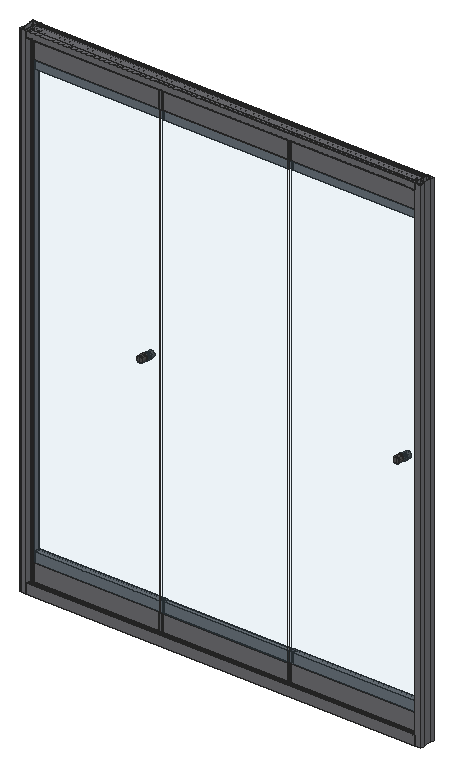
Revit family "QFL3 2380 LH", category Doors, host Wall, Revit 2024
Family settings
  Host = Wall
  OmniClass Number = 23.30.10.00
  OmniClass Title = Doors
  Always vertical = Yes
  Cut with Voids When Loaded = No
  Shared = No
  Room Calculation Point = No
Parameters
  Function = Interior
  Frame Projection Ext. = 25 mm
  Frame Projection Int. = 25 mm
  Frame Width = 75 mm
  Height = 2380 mm
  Wall Closure = By host
  Width = 1893 mm
  Analytic Construction = "<None>"
Reference planes
  plane 1: y = 0
  plane 2 "Center (Left/Right)": x = 0
  plane 3 "Left": x = -946.5
  plane 4 "Right": x = 946.5
  plane 5: z = 2380
  plane 6 "Exterior": y = 75
  plane 7 "Interior": y = -75
Forms (mm)
  Extrusion 1, solid, material "ALUMINIUM CHAR (TEST)"
    sketch origin (-0.37, 0, 0) x (1, 0, 0) y (0, 1, 0)
      loop
        line (946.87, 37.5) -> (916.87, 37.5) -> (916.87, 34.4) -> (917.87, 34.4) -> (917.87, 35.9) -> (919.37, 35.9) -> (919.37, 28.3) -> (917.87, 28.3) -> (917.87, 29.8) -> (916.87, 29.8) -> (916.87, 1.2) -> (917.87, 1.2) -> (917.87, 2.7) -> (919.37, 2.7) -> (919.37, -4.9) -> (917.87, -4.9) -> (917.87, -3.4) -> (916.87, -3.4) -> (916.87, -13.1) -> (912.87, -13.1) -> (912.87, -11)
        arc (912.87, -11) -> (912.724, -10.646) -> (912.37, -10.5) r 0.5
        line (912.37, -10.5) -> (909.62, -10.5) -> (909.62, -11.5) -> (911.22, -11.5) -> (911.22, -13.1) -> (903.52, -13.1) -> (903.52, -11.5) -> (905.12, -11.5) -> (905.12, -10.5) -> (902.37, -10.5)
        arc (902.37, -10.5) -> (902.017, -10.646) -> (901.87, -11) r 0.5
        line (901.87, -11) -> (901.87, -14.4)
        arc (901.87, -14.4) -> (902.017, -14.754) -> (902.37, -14.9) r 0.5
        line (902.37, -14.9) -> (916.87, -14.9) -> (916.87, -37.5) -> (946.87, -37.5) -> (946.87, -22) -> (945.37, -22) -> (945.37, -24.5) -> (942.37, -24.5) -> (942.37, 24.5) -> (945.37, 24.5) -> (945.37, 22) -> (946.87, 22) -> (946.87, 37.5)
      loop
        line (944.87, 26.3) -> (944.87, 35.5) -> (921.17, 35.5) -> (921.17, 27.7)
        arc (921.17, 27.7) -> (920.877, 26.993) -> (920.17, 26.7) r 1
        line (920.17, 26.7) -> (918.87, 26.7) -> (918.87, 4.3) -> (920.17, 4.3)
        arc (920.17, 4.3) -> (920.877, 4.007) -> (921.17, 3.3) r 1
        line (921.17, 3.3) -> (921.17, -5.5)
        arc (921.17, -5.5) -> (920.877, -6.207) -> (920.17, -6.5) r 1
        line (920.17, -6.5) -> (918.67, -6.5) -> (918.67, -35.5) -> (944.87, -35.5) -> (944.87, -26.3) -> (941.97, -26.3)
        arc (941.97, -26.3) -> (940.98, -25.89) -> (940.57, -24.9) r 1.4
        line (940.57, -24.9) -> (940.57, 24.9)
        arc (940.57, 24.9) -> (940.98, 25.89) -> (941.97, 26.3) r 1.4
        line (941.97, 26.3) -> (944.87, 26.3)
      loop
        line (-946.13, 37.5) -> (-946.13, 22) -> (-944.63, 22) -> (-944.63, 24.5) -> (-941.63, 24.5) -> (-941.63, -24.5) -> (-944.63, -24.5) -> (-944.63, -22) -> (-946.13, -22) -> (-946.13, -37.5) -> (-916.13, -37.5) -> (-916.13, -14.9) -> (-901.63, -14.9)
        arc (-901.63, -14.9) -> (-901.276, -14.754) -> (-901.13, -14.4) r 0.5
        line (-901.13, -14.4) -> (-901.13, -11)
        arc (-901.13, -11) -> (-901.276, -10.646) -> (-901.63, -10.5) r 0.5
        line (-901.63, -10.5) -> (-904.38, -10.5) -> (-904.38, -11.5) -> (-902.78, -11.5) -> (-902.78, -13.1) -> (-910.48, -13.1) -> (-910.48, -11.5) -> (-908.88, -11.5) -> (-908.88, -10.5) -> (-911.63, -10.5)
        arc (-911.63, -10.5) -> (-911.983, -10.646) -> (-912.13, -11) r 0.5
        line (-912.13, -11) -> (-912.13, -13.1) -> (-916.13, -13.1) -> (-916.13, -3.4) -> (-917.13, -3.4) -> (-917.13, -4.9) -> (-918.63, -4.9) -> (-918.63, 2.7) -> (-917.13, 2.7) -> (-917.13, 1.2) -> (-916.13, 1.2) -> (-916.13, 29.8) -> (-917.13, 29.8) -> (-917.13, 28.3) -> (-918.63, 28.3) -> (-918.63, 35.9) -> (-917.13, 35.9) -> (-917.13, 34.4) -> (-916.13, 34.4) -> (-916.13, 37.5) -> (-946.13, 37.5)
      loop
        line (-944.13, 26.3) -> (-941.23, 26.3)
        arc (-941.23, 26.3) -> (-940.24, 25.89) -> (-939.83, 24.9) r 1.4
        line (-939.83, 24.9) -> (-939.83, -24.9)
        arc (-939.83, -24.9) -> (-940.24, -25.89) -> (-941.23, -26.3) r 1.4
        line (-941.23, -26.3) -> (-944.13, -26.3) -> (-944.13, -35.5) -> (-917.93, -35.5) -> (-917.93, -6.5) -> (-919.43, -6.5)
        arc (-919.43, -6.5) -> (-920.137, -6.207) -> (-920.43, -5.5) r 1
        line (-920.43, -5.5) -> (-920.43, 3.3)
        arc (-920.43, 3.3) -> (-920.137, 4.007) -> (-919.43, 4.3) r 1
        line (-919.43, 4.3) -> (-918.13, 4.3) -> (-918.13, 26.7) -> (-919.43, 26.7)
        arc (-919.43, 26.7) -> (-920.137, 26.993) -> (-920.43, 27.7) r 1
        line (-920.43, 27.7) -> (-920.43, 35.5) -> (-944.13, 35.5) -> (-944.13, 26.3)
    from 0 to 2380
  Extrusion 2, solid, material "ALUMINIUM CHAR (TEST)"
    sketch origin (-943.37, 0, 0) x (0, -1, 0) y (0, 0, 1)
      loop
        line (-36.55, 18) -> (-36.55, 20.5) -> (-37.5, 20.5) -> (-37.5, 0) -> (-35.5, 0) -> (-35.5, 2) -> (-13.5, 2) -> (-13.5, 0) -> (-11.5, 0) -> (-11.5, 2) -> (10.5, 2) -> (10.5, 0) -> (12.5, 0) -> (12.5, 2) -> (35.5, 2) -> (35.5, 0) -> (37.5, 0) -> (37.5, 44.5)
        arc (37.5, 44.5) -> (37.354, 44.854) -> (37, 45) r 0.5
        line (37, 45) -> (32.199, 45) -> (31.492, 44.5) -> (26.524, 44.5) -> (25.817, 45) -> (22.199, 45) -> (21.492, 44.5) -> (16.524, 44.5) -> (15.817, 44.999) -> (11.001, 44.999)
        arc (11.001, 44.999) -> (10.648, 44.853) -> (10.502, 44.501) r 0.499
        line (10.502, 44.501) -> (10.502, 41.75) -> (11.5, 41.75) -> (11.5, 43.35) -> (13.1, 43.35) -> (13.1, 35.65) -> (11.5, 35.65) -> (11.5, 37.25) -> (10.5, 37.25) -> (10.5, 11.9)
        arc (10.5, 11.9) -> (10.061, 10.839) -> (9, 10.4) r 1.5
        line (9, 10.4) -> (3, 10.4)
        arc (3, 10.4) -> (1.939, 10.839) -> (1.5, 11.9) r 1.5
        line (1.5, 11.9) -> (1.5, 20)
        arc (1.5, 20) -> (0.851, 21.475) -> (-0.674, 21.992) r 2
        line (-0.674, 21.992) -> (-9.95, 20.504) -> (-9.95, 18) -> (-36.55, 18)
      loop
        line (10.5, 4.2) -> (10.5, 8.4) -> (3, 8.4)
        arc (3, 8.4) -> (0.525, 9.425) -> (-0.5, 11.9) r 3.5
        line (-0.5, 11.9) -> (-0.5, 20.057) -> (-7.95, 18.629) -> (-7.95, 16) -> (-35.5, 16) -> (-35.5, 4.2) -> (10.5, 4.2)
      loop
        line (12.5, 4.2) -> (35.5, 4.2) -> (35.5, 43) -> (15.1, 43) -> (15.1, 34) -> (12.5, 34) -> (12.5, 4.2)
      loop
        arc (-37.5, 2351) -> (-37.207, 2350.293) -> (-36.5, 2350) r 1
        line (-36.5, 2350) -> (-34.25, 2350) -> (-34.25, 2351) -> (-35.85, 2351) -> (-35.85, 2352.6) -> (-28.15, 2352.6) -> (-28.15, 2351) -> (-29.75, 2351) -> (-29.75, 2350) -> (-25.9, 2350)
        arc (-25.9, 2350) -> (-24.486, 2350.586) -> (-23.9, 2352) r 2
        line (-23.9, 2352) -> (-23.9, 2373.2)
        arc (-23.9, 2373.2) -> (-23.754, 2373.554) -> (-23.4, 2373.7) r 0.5
        line (-23.4, 2373.7) -> (-6.85, 2373.7) -> (-6.85, 2352)
        arc (-6.85, 2352) -> (-6.264, 2350.586) -> (-4.85, 2350) r 2
        line (-4.85, 2350) -> (13.1, 2350) -> (13.1, 2346) -> (11, 2346)
        arc (11, 2346) -> (10.646, 2345.854) -> (10.5, 2345.5) r 0.5
        line (10.5, 2345.5) -> (10.5, 2342.75) -> (11.5, 2342.75) -> (11.5, 2344.35) -> (13.1, 2344.35) -> (13.1, 2336.65) -> (11.5, 2336.65) -> (11.5, 2338.25) -> (10.5, 2338.25) -> (10.5, 2335.5)
        arc (10.5, 2335.5) -> (10.646, 2335.146) -> (11, 2335) r 0.5
        line (11, 2335) -> (14.4, 2335)
        arc (14.4, 2335) -> (14.754, 2335.146) -> (14.9, 2335.5) r 0.5
        line (14.9, 2335.5) -> (14.9, 2350) -> (36.5, 2350)
        arc (36.5, 2350) -> (37.207, 2350.293) -> (37.5, 2351) r 1
        line (37.5, 2351) -> (37.5, 2380) -> (22, 2380) -> (22, 2378.5) -> (24.5, 2378.5) -> (24.5, 2375.5) -> (-24.5, 2375.5) -> (-24.5, 2378.5) -> (-22, 2378.5) -> (-22, 2380) -> (-25.4, 2380)
        arc (-25.4, 2380) -> (-26.107, 2379.707) -> (-26.4, 2379) r 1
        line (-26.4, 2379) -> (-26.4, 2367.5)
        arc (-26.4, 2367.5) -> (-26.546, 2367.146) -> (-26.9, 2367) r 0.5
        line (-26.9, 2367) -> (-35, 2367)
        arc (-35, 2367) -> (-35.354, 2367.146) -> (-35.5, 2367.5) r 0.5
        line (-35.5, 2367.5) -> (-35.5, 2377.5)
        arc (-35.5, 2377.5) -> (-35.354, 2377.854) -> (-35, 2378) r 0.5
        line (-35, 2378) -> (-33.5, 2378) -> (-33.5, 2380) -> (-36.5, 2380)
        arc (-36.5, 2380) -> (-37.207, 2379.707) -> (-37.5, 2379) r 1
        line (-37.5, 2379) -> (-37.5, 2351)
      loop
        line (35.5, 2352) -> (35.5, 2378) -> (26.3, 2378) -> (26.3, 2375.1)
        arc (26.3, 2375.1) -> (25.89, 2374.11) -> (24.9, 2373.7) r 1.4
        line (24.9, 2373.7) -> (-4.85, 2373.7) -> (-4.85, 2352.5)
        arc (-4.85, 2352.5) -> (-4.704, 2352.146) -> (-4.35, 2352) r 0.5
        line (-4.35, 2352) -> (35.5, 2352)
      loop
        line (-26.4, 2354.2) -> (-26.4, 2364.5)
        arc (-26.4, 2364.5) -> (-26.546, 2364.854) -> (-26.9, 2365) r 0.5
        line (-26.9, 2365) -> (-35, 2365)
        arc (-35, 2365) -> (-35.354, 2364.854) -> (-35.5, 2364.5) r 0.5
        line (-35.5, 2364.5) -> (-35.5, 2354.2) -> (-26.4, 2354.2)
    from -1859.87 to -26.87
  Extrusion 3, solid, material "ALUMINIUM CHAR (TEST)"
    sketch origin (-313.5, 0, 0) x (0, -1, 0) y (0, 0, 1)
      loop
        line (10.504, 2341) -> (8.704, 2341) -> (8.704, 2339) -> (5.604, 2339) -> (5.604, 2337.4) -> (8.754, 2337.4) -> (8.754, 2325.033) -> (8.2, 2323.985) -> (8.2, 2321) -> (-31.196, 2321) -> (-31.196, 2323.92) -> (-31.705, 2324.883) -> (-31.705, 2337.4) -> (-28.596, 2337.4) -> (-28.596, 2339) -> (-31.696, 2339) -> (-31.696, 2341) -> (-33.496, 2341) -> (-33.496, 2216) -> (-23.496, 2206) -> (2.504, 2206) -> (2.504, 2251) -> (10.504, 2251) -> (10.504, 2341)
      loop
        line (8.714, 2253) -> (8.714, 2319.2) -> (-31.705, 2319.2) -> (-31.705, 2217.038) -> (-22.467, 2207.8) -> (0.504, 2207.8) -> (0.504, 2253) -> (8.714, 2253)
      loop
        line (10.504, 31) -> (10.504, 121) -> (2.504, 121) -> (2.504, 166) -> (-23.496, 166) -> (-33.496, 156) -> (-33.496, 31) -> (-31.696, 31) -> (-31.696, 33) -> (-28.596, 33) -> (-28.596, 34.6) -> (-31.705, 34.6) -> (-31.705, 47.117) -> (-31.196, 48.08) -> (-31.196, 51) -> (8.2, 51) -> (8.2, 48.015) -> (8.754, 46.967) -> (8.754, 34.6) -> (5.604, 34.6) -> (5.604, 33) -> (8.704, 33) -> (8.704, 31) -> (10.504, 31)
      loop
        line (8.714, 119) -> (0.504, 119) -> (0.504, 164.2) -> (-22.467, 164.2) -> (-31.705, 154.962) -> (-31.705, 52.8) -> (8.714, 52.8) -> (8.714, 119)
    from -1 to 589
  Extrusion 4, solid, material "Glass"
    sketch origin (-947.5, 0, 0) x (0, -1, 0) y (0, 0, 1)
      loop
        line (2.504, 121) -> (12.504, 121) -> (12.504, 2251) -> (2.504, 2251) -> (2.504, 121)
    from -640 to -40
  Extrusion 5, solid, material "ALUMINIUM CHAR (TEST)"
    sketch origin (-312.5, 0, 0) x (0, -1, 0) y (0, 0, -1)
      loop
        line (-33.496, -156) -> (-23.496, -166) -> (2.504, -166) -> (2.504, -121) -> (10.504, -121) -> (10.504, -31) -> (5.604, -31) -> (5.604, -51) -> (-28.596, -51) -> (-28.596, -31) -> (-33.496, -31) -> (-33.496, -156)
      loop
        line (-33.496, -2341) -> (-28.596, -2341) -> (-28.596, -2321) -> (5.604, -2321) -> (5.604, -2341) -> (10.504, -2341) -> (10.504, -2251) -> (2.504, -2251) -> (2.504, -2206) -> (-23.496, -2206) -> (-33.496, -2216) -> (-33.496, -2341)
    from 0 to 5
  Extrusion 6, solid, material "ALUMINIUM CHAR (TEST)"
    sketch origin (-902.5, 0, 0) x (0, -1, 0) y (0, 0, 1)
      loop
        line (-33.496, 156) -> (-33.496, 31) -> (-28.596, 31) -> (-28.596, 51) -> (5.604, 51) -> (5.604, 31) -> (10.504, 31) -> (10.504, 121) -> (2.504, 121) -> (2.504, 166) -> (-23.496, 166) -> (-33.496, 156)
      loop
        line (-33.496, 2341) -> (-33.496, 2216) -> (-23.496, 2206) -> (2.504, 2206) -> (2.504, 2251) -> (10.504, 2251) -> (10.504, 2341) -> (5.604, 2341) -> (5.604, 2321) -> (-28.596, 2321) -> (-28.596, 2341) -> (-33.496, 2341)
    from 0 to 5
  Extrusion 7, solid, material "ALUMINIUM CHAR (TEST)"
    sketch origin (294, 0, 0) x (0, -1, 0) y (0, 0, 1)
      loop
        line (10.504, 2341) -> (8.704, 2341) -> (8.704, 2339) -> (5.604, 2339) -> (5.604, 2337.4) -> (8.754, 2337.4) -> (8.754, 2325.033) -> (8.2, 2323.985) -> (8.2, 2321) -> (-31.196, 2321) -> (-31.196, 2323.92) -> (-31.705, 2324.883) -> (-31.705, 2337.4) -> (-28.596, 2337.4) -> (-28.596, 2339) -> (-31.696, 2339) -> (-31.696, 2341) -> (-33.496, 2341) -> (-33.496, 2216) -> (-23.496, 2206) -> (2.504, 2206) -> (2.504, 2251) -> (10.504, 2251) -> (10.504, 2341)
      loop
        line (8.714, 2253) -> (8.714, 2319.2) -> (-31.705, 2319.2) -> (-31.705, 2217.038) -> (-22.467, 2207.8) -> (0.504, 2207.8) -> (0.504, 2253) -> (8.714, 2253)
      loop
        line (10.504, 31) -> (10.504, 121) -> (2.504, 121) -> (2.504, 166) -> (-23.496, 166) -> (-33.496, 156) -> (-33.496, 31) -> (-31.696, 31) -> (-31.696, 33) -> (-28.596, 33) -> (-28.596, 34.6) -> (-31.705, 34.6) -> (-31.705, 47.117) -> (-31.196, 48.08) -> (-31.196, 51) -> (8.2, 51) -> (8.2, 48.015) -> (8.754, 46.967) -> (8.754, 34.6) -> (5.604, 34.6) -> (5.604, 33) -> (8.704, 33) -> (8.704, 31) -> (10.504, 31)
      loop
        line (8.714, 119) -> (0.504, 119) -> (0.504, 164.2) -> (-22.467, 164.2) -> (-31.705, 154.962) -> (-31.705, 52.8) -> (8.714, 52.8) -> (8.714, 119)
    from -1 to 589
  Extrusion 8, solid, material "Glass"
    sketch origin (-340, 0, 0) x (0, -1, 0) y (0, 0, 1)
      loop
        line (2.504, 121) -> (12.504, 121) -> (12.504, 2251) -> (2.504, 2251) -> (2.504, 121)
    from -640 to -40
  Extrusion 9, solid, material "ALUMINIUM CHAR (TEST)"
    sketch origin (295, 0, 0) x (0, -1, 0) y (0, 0, -1)
      loop
        line (-33.496, -156) -> (-23.496, -166) -> (2.504, -166) -> (2.504, -121) -> (10.504, -121) -> (10.504, -31) -> (5.604, -31) -> (5.604, -51) -> (-28.596, -51) -> (-28.596, -31) -> (-33.496, -31) -> (-33.496, -156)
      loop
        line (-33.496, -2341) -> (-28.596, -2341) -> (-28.596, -2321) -> (5.604, -2321) -> (5.604, -2341) -> (10.504, -2341) -> (10.504, -2251) -> (2.504, -2251) -> (2.504, -2206) -> (-23.496, -2206) -> (-33.496, -2216) -> (-33.496, -2341)
    from 0 to 5
  Extrusion 10, solid, material "ALUMINIUM CHAR (TEST)"
    sketch origin (-295, 0, 0) x (0, -1, 0) y (0, 0, 1)
      loop
        line (-33.496, 156) -> (-33.496, 31) -> (-28.596, 31) -> (-28.596, 51) -> (5.604, 51) -> (5.604, 31) -> (10.504, 31) -> (10.504, 121) -> (2.504, 121) -> (2.504, 166) -> (-23.496, 166) -> (-33.496, 156)
      loop
        line (-33.496, 2341) -> (-33.496, 2216) -> (-23.496, 2206) -> (2.504, 2206) -> (2.504, 2251) -> (10.504, 2251) -> (10.504, 2341) -> (5.604, 2341) -> (5.604, 2321) -> (-28.596, 2321) -> (-28.596, 2341) -> (-33.496, 2341)
    from 0 to 5
  Extrusion 11, solid, material "ALUMINIUM CHAR (TEST)"
    sketch origin (901.5, 0, 0) x (0, -1, 0) y (0, 0, 1)
      loop
        line (10.504, 2341) -> (8.704, 2341) -> (8.704, 2339) -> (5.604, 2339) -> (5.604, 2337.4) -> (8.754, 2337.4) -> (8.754, 2325.033) -> (8.2, 2323.985) -> (8.2, 2321) -> (-31.196, 2321) -> (-31.196, 2323.92) -> (-31.705, 2324.883) -> (-31.705, 2337.4) -> (-28.596, 2337.4) -> (-28.596, 2339) -> (-31.696, 2339) -> (-31.696, 2341) -> (-33.496, 2341) -> (-33.496, 2216) -> (-23.496, 2206) -> (2.504, 2206) -> (2.504, 2251) -> (10.504, 2251) -> (10.504, 2341)
      loop
        line (8.714, 2253) -> (8.714, 2319.2) -> (-31.705, 2319.2) -> (-31.705, 2217.038) -> (-22.467, 2207.8) -> (0.504, 2207.8) -> (0.504, 2253) -> (8.714, 2253)
      loop
        line (10.504, 31) -> (10.504, 121) -> (2.504, 121) -> (2.504, 166) -> (-23.496, 166) -> (-33.496, 156) -> (-33.496, 31) -> (-31.696, 31) -> (-31.696, 33) -> (-28.596, 33) -> (-28.596, 34.6) -> (-31.705, 34.6) -> (-31.705, 47.117) -> (-31.196, 48.08) -> (-31.196, 51) -> (8.2, 51) -> (8.2, 48.015) -> (8.754, 46.967) -> (8.754, 34.6) -> (5.604, 34.6) -> (5.604, 33) -> (8.704, 33) -> (8.704, 31) -> (10.504, 31)
      loop
        line (8.714, 119) -> (0.504, 119) -> (0.504, 164.2) -> (-22.467, 164.2) -> (-31.705, 154.962) -> (-31.705, 52.8) -> (8.714, 52.8) -> (8.714, 119)
    from -1 to 589
  Extrusion 12, solid, material "Glass"
    sketch origin (267.5, 0, 0) x (0, -1, 0) y (0, 0, 1)
      loop
        line (2.504, 121) -> (12.504, 121) -> (12.504, 2251) -> (2.504, 2251) -> (2.504, 121)
    from -640 to -40
  Extrusion 13, solid, material "ALUMINIUM CHAR (TEST)"
    sketch origin (902.5, 0, 0) x (0, -1, 0) y (0, 0, -1)
      loop
        line (-33.496, -156) -> (-23.496, -166) -> (2.504, -166) -> (2.504, -121) -> (10.504, -121) -> (10.504, -31) -> (5.604, -31) -> (5.604, -51) -> (-28.596, -51) -> (-28.596, -31) -> (-33.496, -31) -> (-33.496, -156)
      loop
        line (-33.496, -2341) -> (-28.596, -2341) -> (-28.596, -2321) -> (5.604, -2321) -> (5.604, -2341) -> (10.504, -2341) -> (10.504, -2251) -> (2.504, -2251) -> (2.504, -2206) -> (-23.496, -2206) -> (-33.496, -2216) -> (-33.496, -2341)
    from 0 to 5
  Extrusion 14, solid, material "ALUMINIUM CHAR (TEST)"
    sketch origin (312.5, 0, 0) x (0, -1, 0) y (0, 0, 1)
      loop
        line (-33.496, 156) -> (-33.496, 31) -> (-28.596, 31) -> (-28.596, 51) -> (5.604, 51) -> (5.604, 31) -> (10.504, 31) -> (10.504, 121) -> (2.504, 121) -> (2.504, 166) -> (-23.496, 166) -> (-33.496, 156)
      loop
        line (-33.496, 2341) -> (-33.496, 2216) -> (-23.496, 2206) -> (2.504, 2206) -> (2.504, 2251) -> (10.504, 2251) -> (10.504, 2341) -> (5.604, 2341) -> (5.604, 2321) -> (-28.596, 2321) -> (-28.596, 2341) -> (-33.496, 2341)
    from 0 to 5
  Revolve 15, solid, material "Metal, Powder Coated, Black"
    sketch origin (832.5, 140.744, 152.823) x (0, -1, 0) y (0, 0, 1)
      loop
        line (151.249, 1026.677) -> (181.249, 1026.677) -> (181.249, 1040.677) -> (180.249, 1041.677) -> (164.249, 1041.677) -> (159.249, 1036.677) -> (154.249, 1041.677) -> (151.249, 1041.677) -> (151.249, 1026.677)
      axis (181.249, 1026.677) -> (151.249, 1026.677)
    angle from 0 to 360
  Revolve 16, solid, material "Metal, Powder Coated, Black"
    sketch origin (-377.5, 140.744, 152.823) x (0, -1, 0) y (0, 0, 1)
      loop
        line (151.249, 1026.677) -> (181.249, 1026.677) -> (181.249, 1040.677) -> (180.249, 1041.677) -> (164.249, 1041.677) -> (159.249, 1036.677) -> (154.249, 1041.677) -> (151.249, 1041.677) -> (151.249, 1026.677)
      axis (181.249, 1026.677) -> (151.249, 1026.677)
    angle from 0 to 360
  Revolve 17, solid, material "Metal, Powder Coated, Black"
    sketch origin (832.5, -153.753, 152.823) x (0, 1, 0) y (0, 0, -1)
      loop
        line (151.249, -1021.677) -> (151.249, -1036.677) -> (154.249, -1036.677) -> (159.249, -1031.677) -> (164.249, -1036.677) -> (180.249, -1036.677) -> (181.249, -1035.677) -> (181.249, -1021.677) -> (151.249, -1021.677)
      axis (181.249, -1021.677) -> (151.249, -1021.677)
    angle from 0 to 360
  Revolve 18, solid, material "Metal, Powder Coated, Black"
    sketch origin (-377.5, -153.753, 152.823) x (0, 1, 0) y (0, 0, -1)
      loop
        line (151.249, -1021.677) -> (151.249, -1036.677) -> (154.249, -1036.677) -> (159.249, -1031.677) -> (164.249, -1036.677) -> (180.249, -1036.677) -> (181.249, -1035.677) -> (181.249, -1021.677) -> (151.249, -1021.677)
      axis (181.249, -1021.677) -> (151.249, -1021.677)
    angle from 0 to 360
Lines and regions (mm)
  Opening 1
    outline origin (-3050, -75, 0) x (1, 0, 0) y (0, 0, 1)
      loop
        line (2103.5, 0) -> (3996.5, 0) -> (3996.5, 2380) -> (2103.5, 2380) -> (2103.5, 0)
  model lines
    curve 1: line (779.198, 75, 1192.5) -> (604.198, 75, 1192.5)
    curve 2: line (465.121, 75, 1192.5) -> (604.198, 75, 1248.691)
    curve 3: line (604.198, 75, 1248.691) -> (604.198, 75, 1136.309)
    curve 4: line (465.121, 75, 1192.5) -> (604.198, 75, 1136.309)
    curve 5: line (174.198, 75, 1192.5) -> (-0.802, 75, 1192.5)
    curve 6: line (-139.879, 75, 1192.5) -> (-0.802, 75, 1248.691)
    curve 7: line (-0.802, 75, 1248.691) -> (-0.802, 75, 1136.309)
    curve 8: line (-139.879, 75, 1192.5) -> (-0.802, 75, 1136.309)
    curve 9: line (-422.302, 75, 1192.5) -> (-597.302, 75, 1192.5)
    curve 10: line (-736.379, 75, 1192.5) -> (-597.302, 75, 1248.691)
    curve 11: line (-597.302, 75, 1248.691) -> (-597.302, 75, 1136.309)
    curve 12: line (-736.379, 75, 1192.5) -> (-597.302, 75, 1136.309)
    curve 13: line (-921.89, 59.5, 0) -> (-649.605, 531.111, 0)
    curve 14: line (-883.785, 37.5, 0) -> (-611.5, 509.111, 0)
    curve 15: line (-611.5, 509.111, 0) -> (-339.215, 37.5, 0)
    curve 16: line (-573.395, 531.111, 0) -> (-301.11, 59.5, 0)
    curve 17: line (-611.5, 509.111, 0) -> (-649.605, 531.111, 0)
    curve 18: line (-611.5, 509.111, 0) -> (-573.395, 531.111, 0)
    curve 19: line (-883.785, 37.5, 0) -> (-921.89, 59.5, 0)
    curve 20: line (-339.215, 37.5, 0) -> (-301.11, 59.5, 0)
    curve 21: line (9.28, 509.111, 0) -> (-263.005, 37.5, 0)
    curve 22: line (-28.826, 531.111, 0) -> (-301.11, 59.5, 0)
    curve 23: line (9.28, 509.111, 0) -> (-28.826, 531.111, 0)
    curve 24: line (-263.005, 37.5, 0) -> (-301.11, 59.5, 0)
Text (mm)
  text "Exterior" at (-2295.016, 1099.543, 0), in view "Ref. Level"
  text "Exterior" at (0, 1615.38, 3698.081), in view "Left"
  text "Exterior" at (0, 1036.032, 3874.932), in view "Right"
Dimensions and locks
  equal spacing: plane 3 "Left", plane 2 "Center (Left/Right)", plane 4 "Right"
  "Width": plane 3 "Left" to plane 4 "Right"
  "Height": plane 5 to host wall
  host wall to plane 5 = 2380 mm  (x2)
  locked: plane 6 "Exterior" to host wall
  locked: plane 7 "Interior" to host wall
  plane 3 "Left" to plane 4 "Right" = 1893 mm
  aligned and locked: plane 3 "Left" to Opening 1 sketch curve
  aligned and locked: plane 5 to Opening 1 sketch curve  (x2)
  aligned and locked: Opening 1 sketch curve to plane 4 "Right"
  aligned and locked: Opening 1 sketch curve to level
  aligned and locked: host wall to plane 1
Automatic sketch dimensions
  curve 12 to plane 3 "Left" = 210.121 mm
  curve 10 to curve 11 = 139.078 mm
  curve 6 to plane 2 "Center (Left/Right)" = 139.879 mm
  curve 6 to plane 2 "Center (Left/Right)" = 0.802 mm
  plane 2 "Center (Left/Right)" to curve 4 = 465.121 mm
  curve 2 to curve 3 = 139.078 mm
  level to curve 12 = 1136.309 mm
  curve 7 to curve 11 = 0 mm
  curve 4 to curve 7 = 0 mm
  curve 3 to curve 4 = 56.191 mm
  curve 11 to curve 12 = 56.191 mm
  curve 7 to curve 6 = 56.191 mm
  curve 11 to curve 10 = 112.382 mm
  curve 3 to curve 3 = 112.382 mm
  curve 7 to curve 7 = 112.382 mm
  curve 9 to curve 9 = 175 mm
  plane 2 "Center (Left/Right)" to curve 5 = 174.198 mm
  plane 4 "Right" to curve 1 = 167.302 mm
  curve 5 to curve 6 = 56.191 mm
  curve 1 to curve 3 = 56.191 mm
  curve 11 to curve 9 = 56.191 mm
  Extrusion 1 sketch curve to plane 3 "Left" = 0 mm  (x2)
  Extrusion 1 sketch curve to plane 4 "Right" = 0 mm  (x2)
  Extrusion 1 sketch curve to plane 3 "Left" = 1.5 mm
  Extrusion 1 sketch curve to Extrusion 1 sketch curve = 1.5 mm  (x14)
  Extrusion 1 sketch curve to Extrusion 1 sketch curve = 0.5 mm  (x9)
  Extrusion 1 sketch curve to plane 3 "Left" = 2 mm
  Extrusion 1 sketch curve to Extrusion 1 sketch curve = 3 mm
  Extrusion 1 sketch curve to Extrusion 1 sketch curve = 0.4 mm  (x7)
  Extrusion 1 sketch curve to Extrusion 1 sketch curve = 1.4 mm  (x3)
  Extrusion 1 sketch curve to Extrusion 1 sketch curve = 19.4 mm
  Extrusion 1 sketch curve to host wall = 3.3 mm
  Extrusion 1 sketch curve to Extrusion 1 sketch curve = 0 mm  (x3)
  Extrusion 1 sketch curve to Extrusion 1 sketch curve = 1 mm  (x13)
  Extrusion 1 sketch curve to Extrusion 1 sketch curve = 0.8 mm  (x3)
  Extrusion 1 sketch curve to Extrusion 1 sketch curve = 1.3 mm  (x4)
  Extrusion 1 sketch curve to Extrusion 1 sketch curve = 21.9 mm
  Extrusion 1 sketch curve to Extrusion 1 sketch curve = 1.8 mm  (x6)
  Extrusion 1 sketch curve to Extrusion 1 sketch curve = 4 mm  (x2)
  Extrusion 1 sketch curve to Extrusion 1 sketch curve = 1.15 mm  (x5)
  Extrusion 1 sketch curve to Extrusion 1 sketch curve = 1.6 mm  (x10)
  Extrusion 1 sketch curve to Extrusion 1 sketch curve = 4.5 mm  (x3)
  host wall to Extrusion 1 sketch curve = 14.4 mm
  plane 4 "Right" to Extrusion 1 sketch curve = 45 mm
  Extrusion 1 sketch curve to Extrusion 1 sketch curve = 1.65 mm
  plane 4 "Right" to Extrusion 1 sketch curve = 30 mm
  Extrusion 1 sketch curve to host wall = 1.2 mm  (x2)
  plane 4 "Right" to Extrusion 1 sketch curve = 6.3 mm
  plane 4 "Right" to Extrusion 1 sketch curve = 2 mm  (x2)
  plane 4 "Right" to Extrusion 1 sketch curve = 1.5 mm  (x2)
  host wall to Extrusion 1 sketch curve = 22 mm  (x2)
  Extrusion 1 sketch curve to Extrusion 1 sketch curve = 2.5 mm  (x4)
  Extrusion 1 sketch curve to Extrusion 1 sketch curve = 9.2 mm  (x2)
  Extrusion 1 sketch curve to Extrusion 1 sketch curve = 20.6 mm
  Extrusion 1 sketch curve to Extrusion 1 sketch curve = 2 mm  (x4)
  host wall to Extrusion 1 sketch curve = 14.9 mm
  host wall to Extrusion 1 sketch curve = 6.5 mm  (x2)
  Extrusion 1 sketch curve to Extrusion 1 sketch curve = 0.6 mm  (x4)
  Extrusion 1 sketch curve to host wall = 22 mm  (x2)
  Extrusion 1 sketch curve to Extrusion 1 sketch curve = 4.6 mm  (x2)
  Extrusion 1 sketch curve to Extrusion 1 sketch curve = 1.1 mm
  Extrusion 2 sketch curve to Extrusion 2 sketch curve = 0 mm  (x12)
  Extrusion 2 sketch curve to level = 0 mm  (x4)
  plane 5 to Extrusion 2 sketch curve = 0 mm  (x3)
  Extrusion 2 sketch curve to host wall = 37.5 mm  (x2)
  plane 5 to Extrusion 2 sketch curve = 29 mm
  Extrusion 2 sketch curve to Extrusion 2 sketch curve = 0.95 mm
  Extrusion 2 sketch curve to Extrusion 2 sketch curve = 1 mm  (x11)
  Extrusion 2 sketch curve to Extrusion 2 sketch curve = 0.65 mm
  Extrusion 2 sketch curve to Extrusion 2 sketch curve = 0.35 mm  (x2)
  Extrusion 2 sketch curve to Extrusion 2 sketch curve = 1.05 mm
  Extrusion 2 sketch curve to Extrusion 2 sketch curve = 2 mm  (x9)
  Extrusion 2 sketch curve to Extrusion 2 sketch curve = 0.5 mm  (x13)
  Extrusion 2 sketch curve to Extrusion 2 sketch curve = 1.6 mm  (x9)
  Extrusion 2 sketch curve to Extrusion 2 sketch curve = 1.5 mm  (x8)
  Extrusion 2 sketch curve to Extrusion 2 sketch curve = 4.5 mm  (x3)
  Extrusion 2 sketch curve to Extrusion 2 sketch curve = 8.1 mm  (x2)
  plane 5 to Extrusion 2 sketch curve = 1 mm
  Extrusion 2 sketch curve to Extrusion 2 sketch curve = 0.9 mm
  Extrusion 2 sketch curve to Extrusion 2 sketch curve = 0.6 mm
  Extrusion 2 sketch curve to Extrusion 2 sketch curve = 2.5 mm  (x3)
  level to Extrusion 2 sketch curve = 2 mm  (x3)
  Extrusion 2 sketch curve to host wall = 13.5 mm
  Extrusion 2 sketch curve to host wall = 9.95 mm
  Extrusion 2 sketch curve to host wall = 6.85 mm
  Extrusion 2 sketch curve to host wall = 0.674 mm
  Extrusion 2 sketch curve to host wall = 0.5 mm
  host wall to Extrusion 2 sketch curve = 1.5 mm
  Extrusion 2 sketch curve to Extrusion 2 sketch curve = 6 mm
  host wall to Extrusion 2 sketch curve = 10.5 mm  (x2)
  Extrusion 2 sketch curve to Extrusion 2 sketch curve = 0.002 mm
  Extrusion 2 sketch curve to Extrusion 2 sketch curve = 0.499 mm
  Extrusion 2 sketch curve to Extrusion 2 sketch curve = 0.998 mm
  Extrusion 2 sketch curve to Extrusion 2 sketch curve = 1.3 mm
  Extrusion 2 sketch curve to Extrusion 2 sketch curve = 0.717 mm
  Extrusion 2 sketch curve to Extrusion 2 sketch curve = 0.707 mm  (x4)
  Extrusion 2 sketch curve to Extrusion 2 sketch curve = 4.968 mm  (x2)
  plane 5 to Extrusion 2 sketch curve = 1.5 mm
  host wall to Extrusion 2 sketch curve = 22 mm
  Extrusion 2 sketch curve to Extrusion 2 sketch curve = 0.4 mm  (x2)
  Extrusion 2 sketch curve to Extrusion 2 sketch curve = 3.617 mm
  Extrusion 2 sketch curve to Extrusion 2 sketch curve = 1.4 mm
  Extrusion 2 sketch curve to Extrusion 2 sketch curve = 23 mm
  Extrusion 2 sketch curve to Extrusion 2 sketch curve = 20.6 mm
  Extrusion 2 sketch curve to Extrusion 2 sketch curve = 3.301 mm
  Extrusion 2 sketch curve to Extrusion 2 sketch curve = 2.2 mm  (x2)
  level to Extrusion 2 sketch curve = 8.4 mm
  Extrusion 2 sketch curve to Extrusion 2 sketch curve = 4.1 mm
  Extrusion 2 sketch curve to Extrusion 2 sketch curve = 0.629 mm
  Extrusion 2 sketch curve to Extrusion 2 sketch curve = 0.057 mm
  Extrusion 2 sketch curve to Extrusion 2 sketch curve = 2.504 mm
  Extrusion 2 sketch curve to Extrusion 2 sketch curve = 14 mm
  Extrusion 2 sketch curve to Extrusion 2 sketch curve = 1.65 mm
  Extrusion 2 sketch curve to Extrusion 2 sketch curve = 9 mm
  Extrusion 2 sketch curve to Extrusion 2 sketch curve = 1.151 mm
  Extrusion 2 sketch curve to Extrusion 2 sketch curve = 43.5 mm
  Extrusion 2 sketch curve to Extrusion 2 sketch curve = 1.15 mm  (x2)
  Extrusion 2 sketch curve to Extrusion 2 sketch curve = 4 mm
  Extrusion 2 sketch curve to Extrusion 2 sketch curve = 10.3 mm
  Extrusion 2 sketch curve to Extrusion 2 sketch curve = 5.8 mm
  plane 5 to Extrusion 2 sketch curve = 2 mm
  Extrusion 3 sketch curve to host wall = 33.496 mm  (x2)
  Extrusion 3 sketch curve to Extrusion 3 sketch curve = 1.79 mm  (x4)
  Extrusion 3 sketch curve to Extrusion 3 sketch curve = 0 mm
  Extrusion 3 sketch curve to Extrusion 3 sketch curve = 0.01 mm
  Extrusion 3 sketch curve to Extrusion 3 sketch curve = 1.8 mm  (x6)
  Extrusion 3 sketch curve to Extrusion 3 sketch curve = 0.51 mm  (x2)
  Extrusion 3 sketch curve to Extrusion 3 sketch curve = 3.11 mm  (x2)
  Extrusion 3 sketch curve to Extrusion 3 sketch curve = 8.21 mm  (x2)
  Extrusion 3 sketch curve to Extrusion 3 sketch curve = 1.028 mm  (x2)
  host wall to Extrusion 3 sketch curve = 0.504 mm  (x2)
  host wall to Extrusion 3 sketch curve = 2.504 mm  (x2)
  host wall to Extrusion 3 sketch curve = 5.604 mm  (x2)
  host wall to Extrusion 3 sketch curve = 8.2 mm  (x2)
  Extrusion 3 sketch curve to Extrusion 3 sketch curve = 3.1 mm  (x2)
  Extrusion 3 sketch curve to Extrusion 3 sketch curve = 0.514 mm
  Extrusion 3 sketch curve to Extrusion 3 sketch curve = 6.21 mm
  Extrusion 3 sketch curve to Extrusion 3 sketch curve = 0.05 mm
  Extrusion 3 sketch curve to Extrusion 3 sketch curve = 0.554 mm
  level to Extrusion 3 sketch curve = 31 mm  (x2)
  Extrusion 3 sketch curve to Extrusion 3 sketch curve = 2 mm  (x6)
  Extrusion 3 sketch curve to Extrusion 3 sketch curve = 1.6 mm  (x4)
  Extrusion 3 sketch curve to Extrusion 3 sketch curve = 12.367 mm  (x2)
  Extrusion 3 sketch curve to Extrusion 3 sketch curve = 12.517 mm  (x2)
  Extrusion 3 sketch curve to Extrusion 3 sketch curve = 1.048 mm  (x2)
  Extrusion 3 sketch curve to Extrusion 3 sketch curve = 0.963 mm  (x2)
  Extrusion 3 sketch curve to Extrusion 3 sketch curve = 2.92 mm  (x2)
  Extrusion 3 sketch curve to Extrusion 3 sketch curve = 66.2 mm
  Extrusion 3 sketch curve to Extrusion 3 sketch curve = 33.962 mm
  Extrusion 3 sketch curve to Extrusion 3 sketch curve = 1.038 mm  (x2)
  Extrusion 3 sketch curve to Extrusion 3 sketch curve = 9.238 mm
  plane 5 to Extrusion 3 sketch curve = 174 mm
  Extrusion 3 sketch curve to Extrusion 3 sketch curve = 8.2 mm
  Extrusion 3 sketch curve to Extrusion 3 sketch curve = 43.2 mm
  plane 5 to Extrusion 3 sketch curve = 60.8 mm
  Extrusion 3 sketch curve to Extrusion 3 sketch curve = 2.985 mm
  host wall to Extrusion 4 sketch curve = 2.504 mm
  level to Extrusion 4 sketch curve = 121 mm
  plane 5 to Extrusion 4 sketch curve = 129 mm
  Extrusion 5 sketch curve to host wall = 33.496 mm  (x2)
  Extrusion 5 sketch curve to Extrusion 5 sketch curve = 4.9 mm  (x3)
  Extrusion 5 sketch curve to Extrusion 5 sketch curve = 10 mm  (x4)
  host wall to Extrusion 5 sketch curve = 2.504 mm  (x2)
  host wall to Extrusion 5 sketch curve = 5.604 mm  (x2)
  Extrusion 5 sketch curve to Extrusion 5 sketch curve = 8 mm
  plane 5 to Extrusion 5 sketch curve = 39 mm
  Extrusion 5 sketch curve to Extrusion 5 sketch curve = 0 mm
  Extrusion 5 sketch curve to Extrusion 5 sketch curve = 20 mm  (x3)
  Extrusion 5 sketch curve to Extrusion 5 sketch curve = 70 mm
  Extrusion 5 sketch curve to Extrusion 5 sketch curve = 35 mm
  level to Extrusion 5 sketch curve = 166 mm
  Extrusion 5 sketch curve to Extrusion 5 sketch curve = 45 mm
  level to Extrusion 5 sketch curve = 51 mm
  Extrusion 6 sketch curve to host wall = 33.496 mm  (x2)
  Extrusion 6 sketch curve to Extrusion 6 sketch curve = 4.9 mm  (x3)
  Extrusion 6 sketch curve to Extrusion 6 sketch curve = 10 mm  (x4)
  host wall to Extrusion 6 sketch curve = 2.504 mm  (x2)
  host wall to Extrusion 6 sketch curve = 5.604 mm  (x2)
  Extrusion 6 sketch curve to Extrusion 6 sketch curve = 8 mm
  level to Extrusion 6 sketch curve = 31 mm  (x2)
  Extrusion 6 sketch curve to Extrusion 6 sketch curve = 20 mm  (x3)
  Extrusion 6 sketch curve to Extrusion 6 sketch curve = 70 mm
  Extrusion 6 sketch curve to Extrusion 6 sketch curve = 35 mm
  plane 5 to Extrusion 6 sketch curve = 174 mm
  Extrusion 6 sketch curve to Extrusion 6 sketch curve = 45 mm
  plane 5 to Extrusion 6 sketch curve = 59 mm
  Extrusion 7 sketch curve to host wall = 33.496 mm  (x2)
  Extrusion 7 sketch curve to Extrusion 7 sketch curve = 1.79 mm  (x4)
  Extrusion 7 sketch curve to Extrusion 7 sketch curve = 0 mm
  Extrusion 7 sketch curve to Extrusion 7 sketch curve = 0.01 mm
  Extrusion 7 sketch curve to Extrusion 7 sketch curve = 1.8 mm  (x6)
  Extrusion 7 sketch curve to Extrusion 7 sketch curve = 0.51 mm  (x2)
  Extrusion 7 sketch curve to Extrusion 7 sketch curve = 3.11 mm  (x2)
  Extrusion 7 sketch curve to Extrusion 7 sketch curve = 8.21 mm  (x2)
  Extrusion 7 sketch curve to Extrusion 7 sketch curve = 1.028 mm  (x2)
  host wall to Extrusion 7 sketch curve = 0.504 mm  (x2)
  host wall to Extrusion 7 sketch curve = 2.504 mm  (x2)
  host wall to Extrusion 7 sketch curve = 5.604 mm  (x2)
  host wall to Extrusion 7 sketch curve = 8.2 mm  (x2)
  Extrusion 7 sketch curve to Extrusion 7 sketch curve = 3.1 mm  (x2)
  Extrusion 7 sketch curve to Extrusion 7 sketch curve = 0.514 mm
  Extrusion 7 sketch curve to Extrusion 7 sketch curve = 6.21 mm
  Extrusion 7 sketch curve to Extrusion 7 sketch curve = 0.05 mm
  Extrusion 7 sketch curve to Extrusion 7 sketch curve = 0.554 mm
  level to Extrusion 7 sketch curve = 31 mm  (x2)
  Extrusion 7 sketch curve to Extrusion 7 sketch curve = 2 mm  (x6)
  Extrusion 7 sketch curve to Extrusion 7 sketch curve = 1.6 mm  (x4)
  Extrusion 7 sketch curve to Extrusion 7 sketch curve = 12.367 mm  (x2)
  Extrusion 7 sketch curve to Extrusion 7 sketch curve = 12.517 mm  (x2)
  Extrusion 7 sketch curve to Extrusion 7 sketch curve = 1.048 mm  (x2)
  Extrusion 7 sketch curve to Extrusion 7 sketch curve = 0.963 mm  (x2)
  Extrusion 7 sketch curve to Extrusion 7 sketch curve = 2.92 mm  (x2)
  Extrusion 7 sketch curve to Extrusion 7 sketch curve = 66.2 mm
  Extrusion 7 sketch curve to Extrusion 7 sketch curve = 33.962 mm
  Extrusion 7 sketch curve to Extrusion 7 sketch curve = 1.038 mm  (x2)
  Extrusion 7 sketch curve to Extrusion 7 sketch curve = 9.238 mm
  plane 5 to Extrusion 7 sketch curve = 174 mm
  Extrusion 7 sketch curve to Extrusion 7 sketch curve = 8.2 mm
  Extrusion 7 sketch curve to Extrusion 7 sketch curve = 43.2 mm
  plane 5 to Extrusion 7 sketch curve = 60.8 mm
  Extrusion 7 sketch curve to Extrusion 7 sketch curve = 2.985 mm
  Extrusion 9 sketch curve to host wall = 33.496 mm  (x2)
  Extrusion 9 sketch curve to Extrusion 9 sketch curve = 4.9 mm  (x3)
  Extrusion 9 sketch curve to Extrusion 9 sketch curve = 10 mm  (x4)
  host wall to Extrusion 9 sketch curve = 2.504 mm  (x2)
  host wall to Extrusion 9 sketch curve = 5.604 mm  (x2)
  Extrusion 9 sketch curve to Extrusion 9 sketch curve = 8 mm
  plane 5 to Extrusion 9 sketch curve = 39 mm
  Extrusion 9 sketch curve to Extrusion 9 sketch curve = 0 mm
  Extrusion 9 sketch curve to Extrusion 9 sketch curve = 20 mm  (x3)
  Extrusion 9 sketch curve to Extrusion 9 sketch curve = 70 mm
  Extrusion 9 sketch curve to Extrusion 9 sketch curve = 35 mm
  level to Extrusion 9 sketch curve = 166 mm
  Extrusion 9 sketch curve to Extrusion 9 sketch curve = 45 mm
  level to Extrusion 9 sketch curve = 51 mm
  Extrusion 10 sketch curve to host wall = 33.496 mm  (x2)
  Extrusion 10 sketch curve to Extrusion 10 sketch curve = 4.9 mm  (x3)
  Extrusion 10 sketch curve to Extrusion 10 sketch curve = 10 mm  (x4)
  host wall to Extrusion 10 sketch curve = 2.504 mm  (x2)
  host wall to Extrusion 10 sketch curve = 5.604 mm  (x2)
  Extrusion 10 sketch curve to Extrusion 10 sketch curve = 8 mm
  level to Extrusion 10 sketch curve = 31 mm  (x2)
  Extrusion 10 sketch curve to Extrusion 10 sketch curve = 20 mm  (x3)
  Extrusion 10 sketch curve to Extrusion 10 sketch curve = 70 mm
  Extrusion 10 sketch curve to Extrusion 10 sketch curve = 35 mm
  plane 5 to Extrusion 10 sketch curve = 174 mm
  Extrusion 10 sketch curve to Extrusion 10 sketch curve = 45 mm
  plane 5 to Extrusion 10 sketch curve = 59 mm
  Extrusion 11 sketch curve to host wall = 33.496 mm  (x2)
  Extrusion 11 sketch curve to Extrusion 11 sketch curve = 1.79 mm  (x4)
  Extrusion 11 sketch curve to Extrusion 11 sketch curve = 0 mm
  Extrusion 11 sketch curve to Extrusion 11 sketch curve = 0.01 mm
  Extrusion 11 sketch curve to Extrusion 11 sketch curve = 1.8 mm  (x6)
  Extrusion 11 sketch curve to Extrusion 11 sketch curve = 0.51 mm  (x2)
  Extrusion 11 sketch curve to Extrusion 11 sketch curve = 3.11 mm  (x2)
  Extrusion 11 sketch curve to Extrusion 11 sketch curve = 8.21 mm  (x2)
  Extrusion 11 sketch curve to Extrusion 11 sketch curve = 1.028 mm  (x2)
  host wall to Extrusion 11 sketch curve = 0.504 mm  (x2)
  host wall to Extrusion 11 sketch curve = 2.504 mm  (x2)
  host wall to Extrusion 11 sketch curve = 5.604 mm  (x2)
  host wall to Extrusion 11 sketch curve = 8.2 mm  (x2)
  Extrusion 11 sketch curve to Extrusion 11 sketch curve = 3.1 mm  (x2)
  Extrusion 11 sketch curve to Extrusion 11 sketch curve = 0.514 mm
  Extrusion 11 sketch curve to Extrusion 11 sketch curve = 6.21 mm
  Extrusion 11 sketch curve to Extrusion 11 sketch curve = 0.05 mm
  Extrusion 11 sketch curve to Extrusion 11 sketch curve = 0.554 mm
  level to Extrusion 11 sketch curve = 31 mm  (x2)
  Extrusion 11 sketch curve to Extrusion 11 sketch curve = 2 mm  (x6)
  Extrusion 11 sketch curve to Extrusion 11 sketch curve = 1.6 mm  (x4)
  Extrusion 11 sketch curve to Extrusion 11 sketch curve = 12.367 mm  (x2)
  Extrusion 11 sketch curve to Extrusion 11 sketch curve = 12.517 mm  (x2)
  Extrusion 11 sketch curve to Extrusion 11 sketch curve = 1.048 mm  (x2)
  Extrusion 11 sketch curve to Extrusion 11 sketch curve = 0.963 mm  (x2)
  Extrusion 11 sketch curve to Extrusion 11 sketch curve = 2.92 mm  (x2)
  Extrusion 11 sketch curve to Extrusion 11 sketch curve = 66.2 mm
  Extrusion 11 sketch curve to Extrusion 11 sketch curve = 33.962 mm
  Extrusion 11 sketch curve to Extrusion 11 sketch curve = 1.038 mm  (x2)
  Extrusion 11 sketch curve to Extrusion 11 sketch curve = 9.238 mm
  plane 5 to Extrusion 11 sketch curve = 174 mm
  Extrusion 11 sketch curve to Extrusion 11 sketch curve = 8.2 mm
  Extrusion 11 sketch curve to Extrusion 11 sketch curve = 43.2 mm
  plane 5 to Extrusion 11 sketch curve = 60.8 mm
  Extrusion 11 sketch curve to Extrusion 11 sketch curve = 2.985 mm
  Extrusion 13 sketch curve to host wall = 33.496 mm  (x2)
  Extrusion 13 sketch curve to Extrusion 13 sketch curve = 4.9 mm  (x3)
  Extrusion 13 sketch curve to Extrusion 13 sketch curve = 10 mm  (x4)
  host wall to Extrusion 13 sketch curve = 2.504 mm  (x2)
  host wall to Extrusion 13 sketch curve = 5.604 mm  (x2)
  Extrusion 13 sketch curve to Extrusion 13 sketch curve = 8 mm
  plane 5 to Extrusion 13 sketch curve = 39 mm
  Extrusion 13 sketch curve to Extrusion 13 sketch curve = 0 mm
  Extrusion 13 sketch curve to Extrusion 13 sketch curve = 20 mm  (x3)
  Extrusion 13 sketch curve to Extrusion 13 sketch curve = 70 mm
  Extrusion 13 sketch curve to Extrusion 13 sketch curve = 35 mm
  level to Extrusion 13 sketch curve = 166 mm
  Extrusion 13 sketch curve to Extrusion 13 sketch curve = 45 mm
  level to Extrusion 13 sketch curve = 51 mm
  Extrusion 14 sketch curve to host wall = 33.496 mm  (x2)
  Extrusion 14 sketch curve to Extrusion 14 sketch curve = 4.9 mm  (x3)
  Extrusion 14 sketch curve to Extrusion 14 sketch curve = 10 mm  (x4)
  host wall to Extrusion 14 sketch curve = 2.504 mm  (x2)
  host wall to Extrusion 14 sketch curve = 5.604 mm  (x2)
  Extrusion 14 sketch curve to Extrusion 14 sketch curve = 8 mm
  level to Extrusion 14 sketch curve = 31 mm  (x2)
  Extrusion 14 sketch curve to Extrusion 14 sketch curve = 20 mm  (x3)
  Extrusion 14 sketch curve to Extrusion 14 sketch curve = 70 mm
  Extrusion 14 sketch curve to Extrusion 14 sketch curve = 35 mm
  plane 5 to Extrusion 14 sketch curve = 174 mm
  Extrusion 14 sketch curve to Extrusion 14 sketch curve = 45 mm
  plane 5 to Extrusion 14 sketch curve = 59 mm
  host wall to Revolve 15 sketch curve = 10.504 mm
  Revolve 15 sketch curve to Revolve 15 sketch curve = 3 mm
  Revolve 15 sketch curve to Revolve 15 sketch curve = 5 mm  (x2)
  Revolve 15 sketch curve to Revolve 15 sketch curve = 16 mm
  Revolve 15 sketch curve to Revolve 15 sketch curve = 1 mm  (x2)
  level to Revolve 15 sketch curve = 1179.5 mm
  Revolve 15 sketch curve to Revolve 15 sketch curve = 10 mm
  Revolve 15 sketch curve to Revolve 15 sketch curve = 14 mm
  Revolve 15 sketch curve to Revolve 15 sketch curve = 0 mm  (x3)
  host wall to Revolve 16 sketch curve = 10.504 mm
  Revolve 16 sketch curve to Revolve 16 sketch curve = 3 mm
  Revolve 16 sketch curve to Revolve 16 sketch curve = 5 mm  (x2)
  Revolve 16 sketch curve to Revolve 16 sketch curve = 16 mm
  Revolve 16 sketch curve to Revolve 16 sketch curve = 1 mm  (x2)
  level to Revolve 16 sketch curve = 1179.5 mm
  Revolve 16 sketch curve to Revolve 16 sketch curve = 10 mm
  Revolve 16 sketch curve to Revolve 16 sketch curve = 14 mm
  Revolve 16 sketch curve to Revolve 16 sketch curve = 0 mm  (x3)
  host wall to Revolve 17 sketch curve = 2.504 mm
  Revolve 17 sketch curve to host wall = 0.496 mm
  Revolve 17 sketch curve to host wall = 5.496 mm
  Revolve 17 sketch curve to Revolve 17 sketch curve = 5 mm
  Revolve 17 sketch curve to Revolve 17 sketch curve = 16 mm
  Revolve 17 sketch curve to Revolve 17 sketch curve = 1 mm  (x2)
  level to Revolve 17 sketch curve = 1189.5 mm
  Revolve 17 sketch curve to Revolve 17 sketch curve = 0 mm  (x4)
  Revolve 17 sketch curve to Revolve 17 sketch curve = 14 mm
  host wall to Revolve 18 sketch curve = 2.504 mm
  Revolve 18 sketch curve to host wall = 0.496 mm
  Revolve 18 sketch curve to host wall = 5.496 mm
  Revolve 18 sketch curve to Revolve 18 sketch curve = 5 mm
  Revolve 18 sketch curve to Revolve 18 sketch curve = 16 mm
  Revolve 18 sketch curve to Revolve 18 sketch curve = 1 mm  (x2)
  level to Revolve 18 sketch curve = 1189.5 mm
  Revolve 18 sketch curve to Revolve 18 sketch curve = 0 mm  (x4)
  Revolve 18 sketch curve to Revolve 18 sketch curve = 14 mm
  Extrusion 4 sketch curve to Extrusion 4 sketch curve = 10 mm
  host wall to Extrusion 8 sketch curve = 2.504 mm
  Extrusion 8 sketch curve to Extrusion 8 sketch curve = 10 mm
  level to Extrusion 8 sketch curve = 121 mm
  plane 5 to Extrusion 8 sketch curve = 129 mm
  host wall to Extrusion 12 sketch curve = 2.504 mm
  Extrusion 12 sketch curve to Extrusion 12 sketch curve = 10 mm
  level to Extrusion 12 sketch curve = 121 mm
  plane 5 to Extrusion 12 sketch curve = 129 mm
  curve 19 to plane 3 "Left" = 24.61 mm
  curve 14 to host wall = 37.5 mm
  curve 13 to curve 14 = 38.105 mm
  curve 17 to plane 3 "Left" = 296.895 mm
  curve 17 to curve 18 = 38.105 mm
  curve 15 to host wall = 37.5 mm
  curve 15 to plane 2 "Center (Left/Right)" = 339.215 mm
  curve 24 to host wall = 37.5 mm
  curve 16 to curve 24 = 38.105 mm
  curve 23 to plane 2 "Center (Left/Right)" = 28.826 mm
  curve 24 to curve 22 = 22 mm
